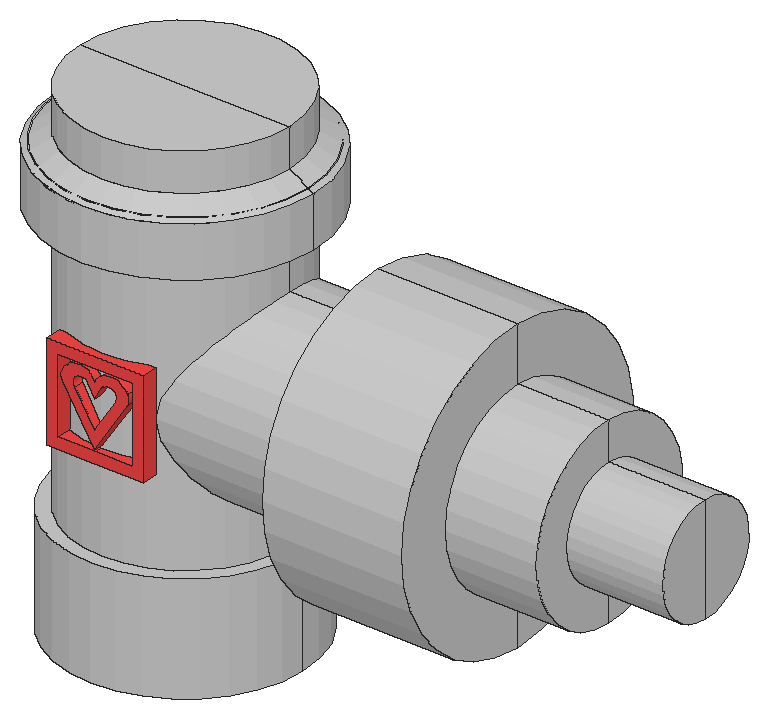
Revit family "RL-5 Return Valve Angle Model 3924", category Rohrzubehör, Revit 2021
Family settings
  Bemaßung runder Anschluss = Durchmesser verwenden
  Teiletyp = Unterbricht
  OmniClass-Nummer = 23.65.55.14
  OmniClass-Titel = Valves for Liquid Services
  Arbeitsebenenbasiert = Nein
  Immer vertikal = Nein
  Beim Laden mit Abzugskörper schneiden = Nein
  Gemeinsam genutzt = Nein
Parameters
  W01 = 120.00°  # constant formula
  Vorgabe-Ansicht = 0.000 mm
  URL = "www.herzvalves.com"
  SCRNSEQ = "ARM;ARM_TYP=\"ALLF\";2"
  SCRNCODE = "05;01;02"  # constant formula
  S04 = 45.000 mm  # constant formula
  S03 [instance] = H02 - 5.000 mm + 41.000 mm  # 54.000 mm
  S02 [instance] = L04 + L03 - L02  # 23.000 mm
  S01 = 10.000 mm  # constant formula
  R04 = 9.750 mm  # constant formula
  R03 = 12.000 mm  # constant formula
  R02 = 9.750 mm  # constant formula
  Part number [instance] = size_lookup("3924_5_", "Artnr", 0, Nennweite)  # 1392400
  Nennweite [instance] = 10.000 mm
  Model = "All models are nickel-plated and are universal models with special socket threaded pipe and compression union."
  Medium = "Hot water quality according to Austrian standard ÖNORM H 5195 and/or VDI guideline 2035."
  Max. operating temperature = 110 °C  # constant formula
  Max. operating pressure = 1000000.0 Pa  # constant formula
  LO1 [instance] = D03 - 0.500 mm  # 11.000 mm
  L04 [instance] = size_lookup("3924_5_", "L4", 1.000 mm, Nennweite)  # 17.500 mm
  L03 [instance] = size_lookup("3924_5_", "L3", 1.000 mm, Nennweite)  # 13.000 mm
  L02 [instance] = size_lookup("3924_5_", "L2", 1.000 mm, Nennweite)  # 7.500 mm
  L01 [instance] = size_lookup("3924_5_", "L1", 1.000 mm, Nennweite)  # 25.500 mm
  Hersteller = "HERZ Armaturen Ges.m.b.H."  # constant formula
  H07 [instance] = H02 - H04  # 13.000 mm
  H06 = 3.500 mm  # constant formula
  H05 = 9.500 mm  # constant formula
  H04 = 5.000 mm  # constant formula
  H03 [instance] = size_lookup("3924_5_", "H3", 1.000 mm, Nennweite)  # 10.000 mm
  H02 [instance] = size_lookup("3924_5_", "H2", 1.000 mm, Nennweite)  # 18.000 mm
  H01 [instance] = size_lookup("3924_5_", "H1", 1.000 mm, Nennweite)  # 22.500 mm
  GT1 [instance] = size_lookup("3924_5_", "GT1", 1.000 mm, Nennweite)  # 9.000 mm
  GT [instance] = size_lookup("3924_5_", "GT", 1.000 mm, Nennweite)  # 10.000 mm
  G2 [instance] = Nennweite / 2  # 5.000 mm
  G1 [instance] = Nennweite / 2  # 5.000 mm
  R01 = 11.000 mm  # constant formula
  D06 [instance] = 8.750 mm  # constant formula
  D05 [instance] = size_lookup("3924_5_", "D5", 1.000 mm, Nennweite)  # 8.500 mm
  D04 [instance] = size_lookup("3924_5_", "D4", 1.000 mm, Nennweite)  # 13.500 mm
  D03 [instance] = 11.500 mm  # constant formula
  D02 [instance] = size_lookup("3924_5_", "D2", 1.000 mm, Nennweite)  # 7.940 mm
  D01 [instance] = size_lookup("3924_5_", "D1", 1.000 mm, Nennweite)  # 11.000 mm
  Body = "nickel-plated"  # constant formula
  Application = "Hot Water Heating Systems\r\nAfter installation of the return valve it is possible to close the radiator return connection.\r\nWhen the intake valve is closed simultaneously (“0“-position for thermostat valves) it is possible to remove the radiator while the heating system remains under pressure.\r\nServicing and working behind the radiator (repapering, laying tiles) is possible without having to switch off the rest of the system.\r\nThe HERZ-RL-5 valve adjusts to allow the exact water quantity to flow through the radiator according to the heat requirements.\r\nThis is recommended particularly in systems equipped with thermostatic valves because lowering the temperature during nighttime becomes fully effective in terms of reducing power input when the water flowquantity is limited and the hydraulic equilibrium of the system is retained.\r\nThe HERZ-RL-5 valve permits filling or draining the radiator or the entire heating system."
Reference planes
  plane 1 "Mitte (Vorne/hinten)": y = 0
  plane 2: z = 0
  plane 3 "Mitte (Links/rechts)": x = 0
Forms (mm)
  Revolve 1, solid, material "Messing, weicher Gelbton, geschweißt", detail levels fine
    sketch origin (0, 0, 0) x (1, 0, 0) y (0, 0, 1)
      loop
        line (0, 18) -> (-11.5, 18) -> (-11.5, 13) -> (-9.75, 13) -> (-9.75, -12.5) -> (-11, -12.5) -> (-11, -22.5) -> (-5, -22.5) -> (-5, -12.5) -> (0, -12.5) -> (0, 18)
      axis (0, 18) -> (0, -22.5)
    angle from 0 to 360
  Revolve 2, solid, material "Messing, weicher Gelbton, geschweißt", detail levels fine
    sketch origin (0, 0, 0) x (1, 0, 0) y (0, 0, 1)
      loop
        line (0, 0) -> (25.5, 0) -> (25.5, 7.94) -> (18, 7.94) -> (18, 8.75) -> (0, 8.75) -> (0, 0)
      axis (0, 0) -> (25.5, 0)
    angle from 0 to 360
  Revolve 3, solid, material "Messing, weicher Gelbton, geschweißt", detail levels fine
    sketch origin (-1, 0, 0) x (1, 0, 0) y (0, 0, 1)
      loop
        line (26.5, 0) -> (49.5, 0) -> (49.5, 5) -> (40.5, 5) -> (40.5, 8.5) -> (32, 8.5) -> (32, 13.5) -> (19, 13.5) -> (19, 7.94) -> (26.5, 7.94) -> (26.5, 0)
      axis (19, 0) -> (49.5, 0)
    angle from 0 to 360
  Revolve 4, solid, material "Messing, weicher Gelbton, geschweißt", detail levels fine
    sketch origin (0, 0, 1.5) x (1, 0, 0) y (0, 0, 1)
      loop
        line (0, 11.5) -> (12, 11.5) -> (12, 16.201) -> (9.75, 17.5) -> (9.75, 21) -> (0, 21) -> (0, 11.5)
      axis (0, 21) -> (0, 11.5)
    angle from 0 to 360
Lines and regions (mm)
  model lines, detail levels coarse+medium
    curve 1: line (0, 0, 0) -> (11, 0, -22.5)
    curve 2: line (11, 0, -22.5) -> (-11, 0, -22.5)
    curve 3: line (-11, 0, -22.5) -> (0, 0, 0)
    curve 4: line (0, 0, 0) -> (25.5, 0, 13.5)
    curve 5: line (25.5, 0, 13.5) -> (25.5, 0, -13.5)
    curve 6: line (25.5, 0, -13.5) -> (0, 0, 0)
    curve 7: line (25.5, 0, 13.5) -> (35.5, 0, 13.5)
    curve 8: line (35.5, 0, 13.5) -> (25.5, 0, 0)
    curve 9: line (25.5, 0, -13.5) -> (35.5, 0, -13.5)
    curve 10: line (35.5, 0, -13.5) -> (25.5, 0, 0)
    curve 11: line (25.5, 0, 0) -> (48.5, 0, 0)
    curve 12: line (0, 0, 0) -> (11, -22.5, 0)
    curve 13: line (11, -22.5, 0) -> (-11, -22.5, 0)
    curve 14: line (-11, -22.5, 0) -> (0, 0, 0)
    curve 15: line (0, 0, 0) -> (25.5, 13.5, 0)
    curve 16: line (25.5, 13.5, 0) -> (25.5, -13.5, 0)
    curve 17: line (25.5, -13.5, 0) -> (0, 0, 0)
    curve 18: line (25.5, 13.5, 0) -> (35.5, 13.5, 0)
    curve 19: line (35.5, 13.5, 0) -> (25.5, 0, 0)
    curve 20: line (25.5, -13.5, 0) -> (35.5, -13.5, 0)
    curve 21: line (25.5, 0, 0) -> (35.5, -13.5, 0)
Dimensions and locks
  "H02": Revolve 1 sketch curve to plane 2
  "H01": plane 2 to Revolve 1 sketch curve
  "G1": Revolve 1 sketch curve to Revolve 1 sketch curve
  "D01": Revolve 1 sketch curve to Revolve 1 sketch curve
  "GT": Revolve 1 sketch curve to Revolve 1 sketch curve
  "H03": Revolve 1 sketch curve to Revolve 1 sketch curve
  "D02": Revolve 2 sketch curve to Revolve 2 sketch curve
  "D06": Revolve 2 sketch curve to Revolve 2 sketch curve
  "L02": Revolve 2 sketch curve to Revolve 2 sketch curve
  "R02": nested 1 to plane 1 "Mitte (Vorne/hinten)"
  "L02": Revolve 3 sketch curve to Revolve 3 sketch curve
  "L03": Revolve 3 sketch curve to Revolve 3 sketch curve
  "L04": Revolve 3 sketch curve to Revolve 3 sketch curve
  "D04": Revolve 3 sketch curve to Revolve 3 sketch curve
  "G2": Revolve 3 sketch curve to Revolve 3 sketch curve
  "D05": Revolve 3 sketch curve to Revolve 3 sketch curve
  "GT1": Revolve 3 sketch curve to Revolve 3 sketch curve
  "L01": plane 3 "Mitte (Links/rechts)" to Revolve 3 sketch curve
  "D02": Revolve 3 sketch curve to plane 2
  "H01": plane 2 to curve 2
  "L01": curve 5 to plane 3 "Mitte (Links/rechts)"
  "D01": curve 2 to plane 3 "Mitte (Links/rechts)" to curve 3
  "D04": curve 5 to plane 2 to curve 6
  "S01": curve 5 to curve 8
  "S01": curve 5 to curve 10
  "S02": curve 11 to curve 11
  "H01": curve 13 to plane 1 "Mitte (Vorne/hinten)"
  "D01": curve 14 to plane 3 "Mitte (Links/rechts)" to curve 13
  "L01": plane 3 "Mitte (Links/rechts)" to curve 16
  "D04": curve 17 to plane 1 "Mitte (Vorne/hinten)" to curve 16
  "S01": curve 16 to curve 19
  "S01": curve 16 to curve 21
  "R02": Revolve 1 sketch curve to Revolve 1 sketch curve
  "D03": Revolve 1 sketch curve to Revolve 1 sketch curve
  "H04": Revolve 1 sketch curve to Revolve 1 sketch curve
  "L01": Revolve 2 sketch curve to plane 3 "Mitte (Links/rechts)"
  "H05": Revolve 4 sketch curve to Revolve 4 sketch curve
  "R04": Revolve 4 sketch curve to Revolve 4 sketch curve
  "R03": Revolve 4 sketch curve to Revolve 4 sketch curve
  "H06": Revolve 4 sketch curve to Revolve 4 sketch curve
  "H07": Revolve 4 sketch curve to plane 2
  "W01": angle Revolve 4 sketch curve to Revolve 4 sketch curve
  aligned and locked: level to plane 2
Automatic sketch dimensions
  curve 4 to level = 0.000 mm
  curve 4 to plane 3 "Mitte (Links/rechts)" = 0.000 mm
  curve 11 to level = 0.000 mm
  curve 8 to level = 0.000 mm
  plane 1 "Mitte (Vorne/hinten)" to curve 14 = 0.000 mm
  curve 14 to plane 3 "Mitte (Links/rechts)" = 0.000 mm
  plane 1 "Mitte (Vorne/hinten)" to curve 19 = 0.000 mm
  Revolve 1 sketch curve to plane 3 "Mitte (Links/rechts)" = 0.000 mm  (x2)
  Revolve 1 sketch curve to Revolve 1 sketch curve = 345.545 mm
  Revolve 1 sketch curve to Revolve 1 sketch curve = 2189.815 mm
  Revolve 2 sketch curve to level = 0.000 mm  (x2)
  Revolve 2 sketch curve to plane 3 "Mitte (Links/rechts)" = 0.000 mm
  Revolve 2 sketch curve to plane 3 "Mitte (Links/rechts)" = 9.500 mm
  Revolve 2 sketch curve to Revolve 2 sketch curve = 1815.148 mm
  Revolve 3 sketch curve to level = 0.000 mm  (x2)
  Revolve 3 sketch curve to plane 3 "Mitte (Links/rechts)" = 1507.530 mm
  Revolve 3 sketch curve to Revolve 3 sketch curve = 1789.648 mm
  Revolve 4 sketch curve to plane 3 "Mitte (Links/rechts)" = 0.000 mm  (x2)
  Revolve 4 sketch curve to level = 364.545 mm
  Revolve 4 sketch curve to Revolve 4 sketch curve = 2188.615 mm
Nested families
  nested 1: "Herz-Logo-vorne" at (0, -9.75, 0) x (0, -1, 0) z (0, 0, 1), type "Herz-Logo-vorne", detail levels fine
Connectors
  piping at (0, 0, -12.5), diameter 10, driven by "Nennweite"
    settings: on Revolve 1, index 1, connector inside diameter 609.6 mm, connector length 0.000 mm, flow factor 0, pipe flow 0.0 L/s, pressure drop 0.0 Pa, fitting loss kfactor 0, connector angle 0.00°, fixture units 0, engagement length 0.000 mm, angle of deflection 0.00°, flow configuration 0, flow direction 1, fitting loss method 0, system type 8, joint type 0, gender type 0, connector reference index -1, connector utility 0, adjustable connector no, is connector primary yes, connector description ""
  piping at (48.5, 0, 0), diameter 10, driven by "Nennweite"
    settings: on Revolve 3, index 2, connector inside diameter 609.6 mm, connector length 0.000 mm, flow factor 0, pipe flow 0.0 L/s, pressure drop 0.0 Pa, fitting loss kfactor 0, connector angle 0.00°, fixture units 0, engagement length 0.000 mm, angle of deflection 0.00°, flow configuration 0, flow direction 2, fitting loss method 0, system type 8, joint type 0, gender type 0, connector reference index -1, connector utility 0, adjustable connector no, is connector primary no, connector description ""
Definition of nested family "Herz-Logo-vorne"
  Parameters (values of type "Herz-Logo-vorne")
    Default Elevation = 0.000 mm
  Reference planes
    plane 1 "Mitte (Vorne/hinten)": y = 0
    plane 2: z = 0
    plane 3 "Mitte (Links/rechts)": x = 0
  Forms (mm)
    Extrusion 1, solid
      sketch origin (0.732, -0.018, 0.017) x (0, -1, 0) y (0, 0, 1)
        loop
          line (-0.018, -4.517) -> (4.482, -4.517) -> (4.482, 4.483) -> (-4.518, 4.483) -> (-4.518, -4.517) -> (-0.018, -4.517)
        loop
          line (-0.05, -3.48) -> (3.482, -3.48) -> (3.482, 3.483) -> (-3.518, 3.483) -> (-3.518, -3.48) -> (-0.05, -3.48)
        loop
          arc (-0.018, 2.383) -> (-1.543, 3.287) -> (-3.067, 2.383) r 1.738
          arc (-3.067, 2.383) -> (-3.191, 1.899) -> (-3.067, 1.415) r 1.009
          line (-3.067, 1.415) -> (-0.018, -3.281) -> (3.032, 1.415)
          arc (3.032, 1.415) -> (3.156, 1.899) -> (3.032, 2.383) r 1.009
          arc (3.032, 2.383) -> (1.507, 3.287) -> (-0.018, 2.383) r 1.738
        loop
          arc (1.885, 1.272) -> (2.005, 1.675) -> (1.885, 2.079) r 0.74
          arc (1.885, 2.079) -> (1.265, 2.416) -> (0.644, 2.079) r 0.74
          line (0.644, 2.079) -> (-0.018, 0.97) -> (-0.679, 2.079)
          arc (-0.679, 2.079) -> (-1.3, 2.416) -> (-1.921, 2.079) r 0.74
          arc (-1.921, 2.079) -> (-2.04, 1.675) -> (-1.921, 1.272) r 0.74
          line (-1.921, 1.272) -> (-0.018, -1.658) -> (1.885, 1.272)
      from 0 to 1.5
  Dimensions and locks
    aligned and locked: level to plane 2
